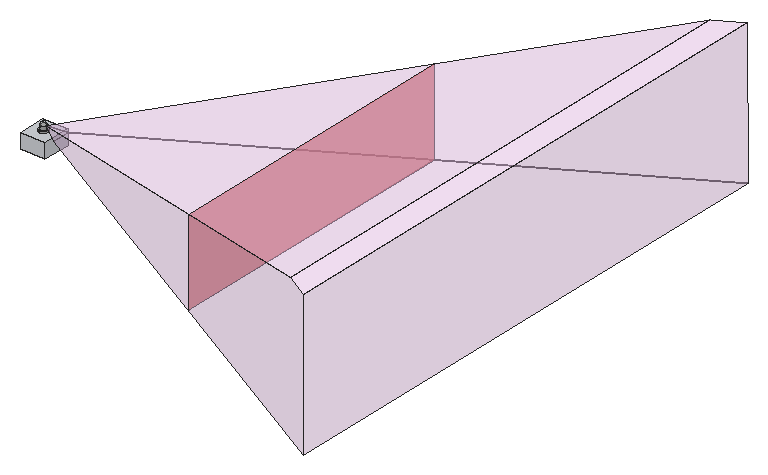
Revit family "Camera-Security-Panasonic-Network-S6130Y", category Security Devices, host Face, Revit 2016
Family settings
  Host = Face
  Maintain Annotation Orientation = No
  Part Type = Normal
  Round Connector Dimension = Use Diameter
  OmniClass Number = 23.85.10.14.11
  OmniClass Title = Cameras
  Cut with Voids When Loaded = No
  Shared = No
  Room Calculation Point = No
Parameters (values of type "Standard, WV-S6130")
  z Yaw Actual [instance] = 180.00°  # constant formula
  z Visible Wall Mount Bracket [instance] = and(Has Wall Mount Bracket, z Accessory Count = 1)  # no
  z Visible No Accessory [instance] = or(z Accessory Count = 0, z Accessory Count > 1)  # no
  z Visible Embedded Ceiling Mount [instance] = and(Has Embedded Ceiling Mount, z Accessory Count = 1)  # no
  z Visible Decoration Cover [instance] = and(Use Decoration Cover, z Accessory Count = 1)  # no
  z Visible Ceiling Mount Bracket [instance] = and(Has Ceiling Mount Bracket, z Accessory Count = 1)  # yes
  z VV Viewpoint Depth Min = 1.68504"
  z VV Viewpoint Depth Max = 1.68504"
  z VV Viewpoint Depth [instance] = (z VV Viewpoint Depth Max - z VV Viewpoint Depth Min) * z HFOV Ratio + z VV Viewpoint Depth Min  # 1.68504"
  z VV Origin Height [instance] = 4.13386"  # constant formula
  z Top of Dome Distance [instance] = 6.1811"  # constant formula
  z Tilt Actual Safe [instance] = if(Tilt Actual = -90.00°, -89.90°, Tilt Actual)  # 90.00°
  z Tilt Actual [instance] = Tilt Actual  # 90.00°
  z Parts_10 [instance] = or(z Visible Ceiling Mount Bracket, z Visible Decoration Cover)  # yes
  z Parts_09 [instance] = z Visible Wall Mount Bracket  # no
  z Parts_08 [instance] = or(z Visible Ceiling Mount Bracket, z Visible Decoration Cover)  # yes
  z Parts_07 [instance] = z Visible Ceiling Mount Bracket  # yes
  z Parts_06 [instance] = or(z Visible No Accessory, z Visible Decoration Cover)  # no
  z Parts_05 [instance] = or(z Visible No Accessory, z Visible Decoration Cover)  # no
  z Parts_04 [instance] = or(z Visible No Accessory, z Visible Decoration Cover)  # no
  z Parts_03 [instance] = or(z Visible Embedded Ceiling Mount, z Visible Ceiling Mount Bracket, z Visible Wall Mount Bracket)  # yes
  z Parts_01 [instance] = or(z Visible Embedded Ceiling Mount)  # no
  z Parts_02 [instance] = or(z Visible Decoration Cover, z Visible Ceiling Mount Bracket)  # yes
  z Pan Actual Safe [instance] = if(Pan Actual = -180.00°, 180.00°, Pan Actual)  # 0.00°
  z Pan Actual [instance] = Pan Actual  # 0.00°
  z Outer Cover Radius [instance] = 2.461"  # constant formula
  z Has Wall Mount [instance] = On Wall  # no
  z Has Indoor Dome Base [instance] = and(not(z Accessory Error), Has Ceiling Mount Bracket)  # yes
  z Has Ceiling Mount [instance] = and(not(z Has Indoor Dome Base), not(z Accessory Error), Has Embedded Ceiling Mount)  # no
  z Has 2or3or4 [instance] = or(Has Wall Mount Bracket, Has Embedded Ceiling Mount, Has Ceiling Mount Bracket)  # yes
  z HFOV Ratio [instance] = (Horizontal FOV Actual - Horizontal FOV Min) / (Horizontal FOV Max - Horizontal FOV Min)  # 0.80142
  z Dome is Clear [instance] = z Parts_03  # yes
  z Dome Vertical Distance [instance] = if(z Has Ceiling Mount, 0.51181", if(z Has Wall Mount, 6.06299", if(Has Ceiling Mount Bracket, 6.41732" - z Outer Cover Radius, 6.08268" - z Dome Diameter / 2)))  # 3.95632"
  z Dome Horizontal Distance [instance] = if(z Has Wall Mount, 1.33299", 0.000")  # 0.000"
  z Dome Distance to Mount [instance] = if(z Has Ceiling Mount, 0.500", 6.08268" - z Dome Diameter / 2)  # 3.8189"
  z Dome Diameter = 4.52756"
  z Distance to Floor [instance] = if(Has Wall Mount Bracket, Distance to Floor + 6.06299", if(Has Ceiling Mount Bracket, Distance to Floor, Distance to Floor))  # 118.11024"
  z Distance to Ceiling [instance] = if(Has Wall Mount Bracket, Distance to Ceiling - 6.06299", if(Has Ceiling Mount Bracket, Distance to Ceiling, Distance to Ceiling))  # 0.000"
  z Const Yaw Handle Length = 9.25197"
  z Const Yaw Base2 Length = 17.32283"
  z Const Yaw Base Length = 10.23622"
  z Const Tilt Handle Length = 14.17323"
  z Const Tilt Base2 Length = 19.68504"
  z Const Tilt Base Length = 9.84252"
  z Const Pan Handle Length = 27.55906"
  z Camera Resolution Type = 0
  z Bottom of Dome Distance = 1.49606"
  z Bottom of Dome Diameter = 4.52756"
  z Base Diameter = 7.28346"
  z Angle of Dome [instance] = if(z Has Wall Mount, -90.00°, 0.00°)  # 0.00°
  z Accessory Error [instance] = z Accessory Count > 1  # no
  z Accessory Count [instance] = if(Has Embedded Ceiling Mount, 1, 0) + if(Has Ceiling Mount Bracket, 1, 0) + if(Has Wall Mount Bracket, 1, 0) + if(Use Decoration Cover, 1, 0)  # 1
  Wide Dynamic Range = yes
  Weight = 2.43 lbf
  Voltage DC = 12.00 V
  Vertical FOV Min [instance] = if(and(Aspect Ratio 4_3, not(Aspect Ratio 16_9)), VFOV Min 43, VFOV Min 169)  # 2.00°
  Vertical FOV Max [instance] = if(and(Aspect Ratio 4_3, not(Aspect Ratio 16_9)), VFOV Max 43, VFOV Max 169)  # 42.00°
  Vertical FOV Actual [instance] = z HFOV Ratio * (Vertical FOV Max - Vertical FOV Min) + Vertical FOV Min  # 34.0567°
  Vandal Resistant = no
  VFOV Min 43 = 2.30°
  VFOV Min 169 = 2.00°
  VFOV Max 43 = 46.00°
  VFOV Max 169 = 42.00°
  Use Decoration Cover [instance] = no
  URL = "http://security.panasonic.com/pss/security/"
  Tilting Range = "-30 to +90"  # constant formula
  Tilt Min = -30.00°  # constant formula
  Tilt Max = 90.00°  # constant formula
  Tilt Desired [instance] = 90.00°
  Tilt Actual [instance] = if(Tilt Desired > Tilt Max, Tilt Max, if(Tilt Desired < Tilt Min, Tilt Min, Tilt Desired))  # 90.00°
  Storage Temperature = "14 °F to 122 °F"  # constant formula
  Show View Volume [instance] = yes
  Resolution_HD [instance] = no
  Resolution_FullHD [instance] = yes
  Regulatory Compliance = "UL60950-1, C-UL CAN/CSA C22.2 No.60950-1, CE, IEC60950-1, FCC Part15 Class A, ICES-003 Class A, EN55022 Class B, EN55024"  # constant formula
  Provide Feedback = "https://www.surveymonkey.com/s/95FL6QY"
  Product Page URL = "https://security.panasonic.com/products/wv-s6130/"
  Product Material = Paint - Panasonic - Silver
  Product Documentation Link = "http://ssbu-t.psn-web.net/Products/IP_camera/WV-S6130/Specsheet/WV-S6130-A4.pdf"
  Power Active = 12.0 W
  Part Number = Model  # "\"WV-S6130\""
  Part Description = Description  # "\"Security Camera, H.264/H.265, Full HD, 21x Optical Zoom, Indoor, PTZ, Network, WV-S6130\""
  Panning Range = "0 to +350"  # constant formula
  Pan Min = 0.00°  # constant formula
  Pan Max = 350.00°  # constant formula
  Pan Desired [instance] = 0.00°
  Pan Actual [instance] = if(Pan Desired > Pan Max, Pan Max, if(Pan Desired < Pan Min, Pan Min, Pan Desired))  # 0.00°
  PPM Desired [instance] = 300
  PPM Actual [instance] = if(PPM Desired > 1, PPM Desired, 1)  # 300
  Original Creation Date = "August, 1, 2017"
  Operational Temperature = "14°F - 122°F"  # constant formula
  Operational Humidity = "10 to 90 % (no condensation)"  # constant formula
  On Wall [instance] = and(Has Wall Mount Bracket, not(Has Embedded Ceiling Mount), not(Has Ceiling Mount Bracket))  # no
  On Ceiling [instance] = or(not(Has Wall Mount Bracket), z Accessory Count > 1)  # yes
  Mounting Positions = "Mount Dependent or Surface Mount"  # constant formula
  Model Disclaimer = "Contact Panasonic for more information"  # constant formula
  Model = "\"WV-S6130\""
  Minimum Illumination = 0.015 lx
  Manufacturer = "Panasonic"  # constant formula
  Indoor Or Outdoor = "Indoor"  # constant formula
  IP Or Analog = "IP"  # constant formula
  Horizontal Resolution Actual [instance] = if(and(Aspect Ratio 4_3, not(Aspect Ratio 16_9)), Horizontal Resolution 43, Horizontal Resolution 169)  # 1920
  Horizontal Resolution 43 [instance] = if(and(Resolution_FullHD, Resolution_HD), 2048, if(Resolution_FullHD, 2048, if(Resolution_HD, 1280, 2048)))  # 2048
  Horizontal Resolution 169 [instance] = if(and(Resolution_FullHD, Resolution_HD), 1920, if(Resolution_FullHD, 1920, if(Resolution_HD, 1280, 1920)))  # 1920
  Horizontal FOV Min [instance] = if(and(Aspect Ratio 4_3, not(Aspect Ratio 16_9)), HFOV Min 43, HFOV Min 169)  # 3.50°
  Horizontal FOV Max [instance] = if(and(Aspect Ratio 4_3, not(Aspect Ratio 16_9)), HFOV Max 43, HFOV Max 169)  # 74.00°
  Horizontal FOV Desired [instance] = 60.00°
  Horizontal FOV Actual [instance] = if(Horizontal FOV Desired > Horizontal FOV Max, Horizontal FOV Max, if(Horizontal FOV Desired < Horizontal FOV Min, Horizontal FOV Min, Horizontal FOV Desired))  # 60.00°
  Height = 6.10236"
  Has Wall Mount Bracket [instance] = no
  Has POE = yes
  Has Decoration Cover [instance] = yes
  Has Ceiling Mount Bracket [instance] = yes
  Has Embedded Ceiling Mount [instance] = no
  HFOV Min 43 = 3.00°
  HFOV Min 169 = 3.50°
  HFOV Max 43 = 61.00°
  HFOV Max 169 = 74.00°
  Family Version = "1.0.0"  # constant formula
  Equipment Number [instance] = ""
  Equipment Abbreviation = "SC"
  Distance to Screen [instance] = 393.70079"
  Distance to PPM Target [instance] = if(PPM Actual = 0, 0.000", 39.37008" * Horizontal Resolution Actual / (PPM Actual * 2 * tan(Horizontal FOV Actual / 2)))  # 218.21113"
  Distance to Floor [instance] = 118.11024"
  Distance to Ceiling [instance] = 0.000"
  Diameter = 4.52756"
  Description = "\"Security Camera, H.264/H.265, Full HD, 21x Optical Zoom, Indoor, PTZ, Network, WV-S6130\""
  Default Elevation = 48.000"
  Day Or Night = "Yes"
  Date Last Modified = "August, 1, 2017"
  Copyright = "Copyright © Panasonic"  # constant formula
  Communication Ports = "10Base-T / 100Base-TX, RJ-45"
  Audio Out = "Yes"
  Audio In = "Yes"
  Aspect Ratio 4_3 [instance] = no
  Aspect Ratio 16_9 [instance] = yes
  Angle Of View = "74"
  Alarm Input Or Output Specification = "ALARM IN 1 (Black & white input, Auto time adjustment input) (x1), ALARM IN 2 (ALARM OUT) (x1), ALARM IN 3 (AUX OUT) (x1)"  # constant formula
  Accessory Part Number [instance] = if(and(not(Use Decoration Cover), not(z Has 2or3or4)), "", if(and(Use Decoration Cover, not(z Has 2or3or4)), "", if(and(not(Use Decoration Cover), Has Wall Mount Bracket, not(Has Embedded Ceiling Mount), not(Has Ceiling Mount Bracket)), "WV-Q154S", if(and(not(Use Decoration Cover), not(Has Wall Mount Bracket), Has Embedded Ceiling Mount, not(Has Ceiling Mount Bracket)), "WV-Q155S", if(and(not(Use Decoration Cover), not(Has Wall Mount Bracket), not(Has Embedded Ceiling Mount), Has Ceiling Mount Bracket), "WV-Q156S", "Select only one Mounting option or Decoration Cover.")))))  # "WV-Q156S"
Reference planes (in)
  plane 1 "Center (Front/Back)": y = 0
  plane 2 "Bottom of Base": z = 0
  plane 3 "Center (Left/Right)": x = 0
  plane 4: x = -3.64173
  plane 5: x = 3.64173
  plane 6: y = 2.26378
  plane 7: y = -2.26378
  plane 8 "Center of Base": z = 0.75
  plane 9 "Top of Base": z = 1.125
  plane 10 "Bottom of Dome": z = 1.49606
  plane 11: z = 0
  plane 12 "Top of Decaration Cover": z = 6.1811
  plane 13 "Dome Left": x = -2.26378
  plane 14 "Dome Right": x = 2.26378
  plane 15 "Center of Dome": z = 3.91732
  plane 16 "Lens Left": x = -0.63408
  plane 17 "Lens Right": x = 0.63408
  plane 18 "Top of Indoor Dome": z = 2.84375
  plane 19 "Move Left/Right": x = 0
  plane 20 "Move Up/Down": z = 3.95632
  plane 21 "Top of NoAcs": z = 6.10236
  plane 22 "Center of Dome NoAcs": z = 3.8189
  plane 23: z = 6.41732
  plane 24 "BP": z = 4.13386
Forms (in)
  Extrusion 1, solid
    sketch origin (0, 0, 0) x (1, 0, 0) y (0, 1, 0)
      loop
        line (-9.63408, 11) -> (-9.63408, -11.80354) -> (10.679, -11.80354) -> (10.679, 11) -> (-9.63408, 11)
    from 0 to -12
  Extrusion 2, solid, material "Paint - Panasonic - Silver" <- "Product Material", visible <- "z Parts_02"
    sketch origin (0, 0, 0) x (1, 0, 0) y (0, 1, 0)
      loop
        circle (0, 0) r 3.64173
    from 0 to 0.75
  Revolve 3, solid, material "Paint - Panasonic - Silver" <- "Product Material", visible <- "z Parts_10"
    sketch origin (0, 0, 0) x (1, 0, 0) y (0, 0, 1)
      loop
        line (0, 1.125) -> (-2.26378, 1.125) -> (-3.64173, 0.75) -> (0, 0.75) -> (0, 1.125)
      axis (0, 1.125) -> (0, 0.75)
    angle from 0 to 360
  Revolve 4, solid, material "Glass - Panasonic - Smoked", visible <- "z Parts_05"
    sketch origin (0, 0, 0) x (0, 1, 0) y (0, 0, 1)
      loop
        arc (0, 6.1811) -> (-0.31921, 6.16344) -> (-0.63408, 6.10803) r 2.69038
        line (-0.63408, 6.10803) -> (-0.63408, 3.91732) -> (0.63408, 3.91732) -> (0.63408, 6.10803)
        arc (0.63408, 6.10803) -> (0.31921, 6.16344) -> (0, 6.1811) r 2.69038
      axis (0.63408, 3.91732) -> (-0.63408, 3.91732)
    angle from 0 to -100
  Extrusion 5, solid, material "Paint - Panasonic - Silver" <- "Product Material", visible <- "z Parts_08"
    sketch origin (0, 0, 1.125) x (-1, 0, 0) y (0, -1, 0)
      loop
        circle (0, 0) r 2.25
    from 0 to 0.37106
  Revolve 6, solid, material "Paint - Panasonic - Silver" <- "Product Material", visible <- "z Parts_04"
    sketch origin (0, 0, 0) x (1, 0, 0) y (0, 0, 1)
      loop
        line (0, 6.1811) -> (0, 0) -> (2.26378, 0) -> (2.26378, 3.91732)
        arc (2.26378, 3.91732) -> (1.60073, 5.51806) -> (0, 6.1811) r 2.26378
      axis (0, 6.1811) -> (0, 0)
    angle from 0 to 360
  Revolve 7, void
    sketch origin (0, 0, 0) x (0, 1, 0) y (0, 0, 1)
      loop
        line (-0.63408, 6.94594) -> (-0.63408, 3.8189) -> (0.63408, 3.8189) -> (0.63408, 6.94594) -> (-0.63408, 6.94594)
      axis (0.63408, 3.8189) -> (-0.63408, 3.8189)
    angle from 0 to -100
  Blend 8, solid, material "Paint - Panasonic - Silver" <- "Product Material", visible <- "z Parts_07"
    base sketch origin (0, 0, 1.49606) x (-1, 0, 0) y (0, -1, 0)
      loop
        circle (0, 0) r 2.25
    top sketch origin (0, 0, 1.49606) x (-1, 0, 0) y (0, -1, 0)
      loop
        circle (0, 0) r 2.5
    from 0 to 2.46026
  Revolve 9, solid, material "Glass - Panasonic - Smoked", visible <- "z Parts_03"
    sketch origin (0, 0, 3.95632) x (-1, 0, 0) y (0, 0, -1)
      loop
        line (0, 0) -> (0, -2.46063)
        arc (0, -2.46063) -> (1.73993, -1.73993) -> (2.46063, 0) r 2.46063
        line (2.46063, 0) -> (0, 0)
      axis (0, 0) -> (0, -2.46063)
    angle from 0 to 360
  Revolve 10, solid, material "Glass - Panasonic - Clear", visible <- "z Parts_03"
    sketch origin (0, 0, 3.95632) x (-1, 0, 0) y (0, 0, -1)
      loop
        line (2.46063, 0) -> (0, 0) -> (0, -2.46063)
        arc (0, -2.46063) -> (1.73993, -1.73993) -> (2.46063, 0) r 2.46063
      axis (0, -2.46063) -> (0, 0)
    angle from 0 to 360
  Revolve 11, solid, material "Glass - Panasonic - Smoked", visible <- "z Parts_06"
    sketch origin (0, 0, -0.09843) x (0, 1, 0) y (0, 0, 1)
      loop
        arc (0, 6.20079) -> (-0.32054, 6.17831) -> (-0.63408, 6.10803) r 2.13702
        line (-0.63408, 6.10803) -> (-0.63408, 4.01575) -> (0.63408, 4.01575) -> (0.63408, 6.10803)
        arc (0.63408, 6.10803) -> (0.32054, 6.17831) -> (0, 6.20079) r 2.13702
      axis (0.63408, 4.01575) -> (-0.63408, 4.01575)
    angle from 0 to -100
Cuts and joins
  Revolve 7 cuts Revolve 6
Lines and regions (in)
  reference lines
    curve 1: line (-2.35728, 0, 3.95632) -> (0, 0, 3.95632)
    curve 2: line (0, 0, 3.95632) -> (-2.8615, 0, 3.95632)
Dimensions and locks (in)
  equal spacing: plane 4, plane 3 "Center (Left/Right)", plane 5
  equal spacing: plane 6, plane 1 "Center (Front/Back)", plane 7
  "z Base Diameter": plane 4 to plane 5
  "z Bottom of Dome Diameter": plane 6 to plane 7
  equal spacing: plane 13 "Dome Left", plane 3 "Center (Left/Right)", plane 14 "Dome Right"
  "z Dome Diameter": plane 13 "Dome Left" to plane 14 "Dome Right"
  equal spacing: plane 16 "Lens Left", plane 3 "Center (Left/Right)", plane 17 "Lens Right"
  plane 16 "Lens Left" to plane 17 "Lens Right" = 1.26816"
  "z Dome Horizontal Distance": plane 3 "Center (Left/Right)" to plane 19 "Move Left/Right"
  "z Dome Vertical Distance": plane 20 "Move Up/Down" to plane 2 "Bottom of Base"
  level to plane 12 "Top of Decaration Cover" = 6.1811"
  "z Bottom of Dome Distance": plane 10 "Bottom of Dome" to level
  plane 12 "Top of Decaration Cover" to level = 6.1811"
  plane 21 "Top of NoAcs" to level = 6.10236"
  plane 22 "Center of Dome NoAcs" to level = 3.8189"
  plane 15 "Center of Dome" to level = 3.91732"
  "z Outer Cover Radius": plane 23 to plane 20 "Move Up/Down"
  "z VV Origin Height": plane 24 "BP" to level
  "z Angle of Dome": angle curve 2 to plane 20 "Move Up/Down"
  aligned and locked: plane 2 "Bottom of Base" to Extrusion 1
  aligned and locked: level to Extrusion 1
  aligned and locked: plane 8 "Center of Base" to Extrusion 2
  aligned and locked: Extrusion 5 to plane 9 "Top of Base"
  aligned and locked: plane 10 "Bottom of Dome" to Extrusion 5
  aligned and locked: plane 19 "Move Left/Right" to curve 2
  aligned and locked: plane 20 "Move Up/Down" to Blend 8
  aligned and locked: plane 15 "Center of Dome" to Revolve 11 sketch curve
  aligned and locked: Revolve 11 sketch curve to Revolve 11 sketch curve
  aligned and locked: plane 22 "Center of Dome NoAcs" to Revolve 7 sketch curve
  aligned and locked: Revolve 7 sketch curve to Revolve 7 sketch curve
  aligned and locked: plane 21 "Top of NoAcs" to Revolve 11 sketch curve
Automatic sketch dimensions
  Extrusion 1 sketch curve to Extrusion 1 sketch curve = 20.31308"
  Extrusion 1 sketch curve to Extrusion 1 sketch curve = 22.80354"
  plane 1 "Center (Front/Back)" to Extrusion 2 sketch curve = 0.000"
  Extrusion 2 sketch curve to plane 3 "Center (Left/Right)" = 0.000"
  plane 4 to Revolve 3 sketch curve = 0.000"
  Revolve 3 sketch curve to plane 9 "Top of Base" = 0.000"
  plane 13 "Dome Left" to Revolve 3 sketch curve = 0.000"
  Revolve 3 sketch curve to plane 3 "Center (Left/Right)" = 0.000"  (x2)
  Revolve 3 sketch curve to plane 8 "Center of Base" = 0.000"
  Revolve 3 sketch curve to level = 24.000"
  plane 12 "Top of Decaration Cover" to Revolve 3 sketch curve = 96.53132"
  plane 1 "Center (Front/Back)" to Extrusion 5 sketch curve = 0.000"
  Extrusion 5 sketch curve to plane 3 "Center (Left/Right)" = 0.000"
  Revolve 6 sketch curve to level = 0.000"
  Revolve 6 sketch curve to plane 3 "Center (Left/Right)" = 0.000"  (x2)
  plane 14 "Dome Right" to Revolve 6 sketch curve = 0.000"
  Revolve 6 sketch curve to plane 15 "Center of Dome" = 0.000"
  Revolve 6 sketch curve to plane 12 "Top of Decaration Cover" = 0.000"
  Revolve 6 sketch curve to Revolve 6 sketch curve = 24.000"
  Revolve 6 sketch curve to Revolve 6 sketch curve = 96.53772"
  plane 1 "Center (Front/Back)" to Blend 8 sketch curve = 0.000"  (x2)
  Blend 8 sketch curve to plane 3 "Center (Left/Right)" = 0.000"  (x2)
  Revolve 9 sketch curve to curve 2 = 0.000"  (x2)
  curve 2 to Revolve 9 sketch curve = 0.000"
  Revolve 9 sketch curve to curve 2 = 2.66566"
  Revolve 9 sketch curve to curve 2 = 2.46063"
  curve 2 to Revolve 9 sketch curve = 0.7874"
  Revolve 10 sketch curve to curve 2 = 0.000"  (x2)
  curve 2 to Revolve 10 sketch curve = 0.000"
  Revolve 10 sketch curve to curve 2 = 2.71654"
  Revolve 10 sketch curve to curve 2 = 2.46063"
  curve 2 to Revolve 10 sketch curve = 0.78335"
  plane 15 "Center of Dome" to Revolve 4 sketch curve = 0.000"  (x2)
  Revolve 4 sketch curve to plane 1 "Center (Front/Back)" = 0.000"
  Revolve 4 sketch curve to plane 12 "Top of Decaration Cover" = 0.000"
  plane 1 "Center (Front/Back)" to Revolve 4 sketch curve = 0.01122"
  plane 21 "Top of NoAcs" to Revolve 4 sketch curve = 0.00567"  (x2)
  plane 1 "Center (Front/Back)" to Revolve 4 sketch curve = 0.63408"
  Revolve 4 sketch curve to plane 1 "Center (Front/Back)" = 0.01122"
  Revolve 4 sketch curve to plane 1 "Center (Front/Back)" = 0.63408"
  Revolve 4 sketch curve to plane 7 = 58.14014"
  plane 6 to Revolve 4 sketch curve = 63.06686"
  plane 15 "Center of Dome" to Revolve 11 sketch curve = 0.000"
  Revolve 11 sketch curve to plane 1 "Center (Front/Back)" = 0.000"
  plane 1 "Center (Front/Back)" to Revolve 11 sketch curve = 0.01122"
  Revolve 11 sketch curve to plane 21 "Top of NoAcs" = 0.09276"  (x2)
  plane 1 "Center (Front/Back)" to Revolve 11 sketch curve = 0.63408"
  Revolve 11 sketch curve to plane 1 "Center (Front/Back)" = 0.01122"
  Revolve 11 sketch curve to plane 1 "Center (Front/Back)" = 0.63408"
  Revolve 11 sketch curve to plane 7 = 58.14014"
  plane 6 to Revolve 11 sketch curve = 63.06686"
  plane 1 "Center (Front/Back)" to Revolve 7 sketch curve = 0.63408"
  Revolve 7 sketch curve to plane 1 "Center (Front/Back)" = 0.63408"
  plane 23 to Revolve 7 sketch curve = 0.52862"
  Revolve 7 sketch curve to plane 7 = 58.1549"
  plane 6 to Revolve 7 sketch curve = 63.08163"
  curve 1 to plane 20 "Move Up/Down" = 0.000"
  plane 13 "Dome Left" to curve 1 = 0.0935"
  radius of Extrusion 2 sketch curve = 3.64173"
  radius of Extrusion 5 sketch curve = 2.250"
  radius of Blend 8 sketch curve = 2.250"
  radius of Blend 8 sketch curve = 2.500"
Nested families (in)
  nested 1: "41-45,47 - Mount-Panasonic" at (0, 0, 0) x (0, 1, 0) z (0, 0, 1), Has Ceiling Mount <- "z Visible Embedded Ceiling Mount", Has Wall Mount <- "z Parts_09", type "WV-Q106"
    with z Bracket Radius 3.82227", Product Material Paint - Panasonic - Silver, Has Wall Mount no, Has Ceiling Mount no, Equipment Number "", Dome Radius 2.25227"
  nested 2: "Camera-Security-Panasonic-ViewVolumePTYZ" at (0, 0, 3.95632) x (0, 1, 0) z (0, 0, 1), Base Height Offset <- "z Dome Vertical Distance", VFOV <- "Vertical FOV Actual", Target Depth <- "Distance to PPM Target", Screen Depth <- "Distance to Screen", Viewpoint Depth <- "z VV Viewpoint Depth", On Wall <- "On Wall", On Ceiling <- "On Ceiling", HFOV <- "Horizontal FOV Actual", Tilt <- "Tilt Actual", Pan <- "Pan Actual", Floor Distance <- "z Distance to Floor", Ceiling Distance <- "z Distance to Ceiling", visible <- "Show View Volume", Base Angle Offset <- "z Angle of Dome", Yaw <- "z Yaw Actual", type "Camera-Security-Panasonic-ViewVolumePTYZ"
    with z Yaw Actual 180.00°, z Void Width 2044.06246", z Void Thickness 794.72798", z Void Height Start -1022.03123", z Void Height End 1022.03123", z Void Direction 0, z Void Angle 0.00°, z Viewpoint Depth 1.68504", z Tilt Actual 90.00°, z Target Width 251.9685", z Target Visible yes, z Target Height 133.66399", z Target Depth 219.89616", z Screen Width 454.60651", z Screen Height 241.15919", z Screen Depth 395.38583", z Pan Actual 0.00°, z Floor Distance 118.11024", z Ceiling Distance 0.000", Yaw 180.00°, Viewpoint Origin Horizontal Offset 0.000", Viewpoint Depth 1.68504", VFOV 34.0567°, Tilt 90.00°, Target Depth 218.21113", Screen Depth 393.70079", Pan 0.00°, On Wall no, On Floor no, On Default Mount Type 0, On Ceiling yes, HFOV 60.00°, Floor Distance 118.11024", Ceiling Distance 0.000", Base Height Offset 3.95632", Base Angle Offset 0.00°
Connectors (in)
  electrical at (0, 0, 0), driven by "Power Active", driven by "Voltage DC"
    settings: on Extrusion 2, index 1, voltage 12.00 V, apparent load 12.0 W, apparent load phase1 0.0 W, apparent load phase2 0.0 W, apparent load phase3 0.0 W, power factor 1, load classification "Other", number of poles 1, system type 30, power factor state 1, is connector primary yes, connector utility no, sub classification motor no, connector description "Electrical Connection"
  electrical at (0, 0, 0)
    settings: index 2, voltage 0.00 V, apparent load 0.0 W, apparent load phase1 0.0 W, apparent load phase2 0.0 W, apparent load phase3 0.0 W, power factor 1, load classification "Other", number of poles 1, system type 5, power factor state 1, is connector primary no, connector utility no, sub classification motor no, connector description "Data Connection"
Definition of nested family "Camera-Security-Panasonic-ViewVolumePTYZ"
  Parameters (values of type "Camera-Security-Panasonic-ViewVolumePTYZ")
    z Yaw Actual [instance] = if(Yaw < 0.00°, 360.00° - (abs(Yaw) - rounddown(abs(Yaw) / 360.00°) * 360.00°), Yaw - rounddown(Yaw / 360.00°) * 360.00°)  # 0.00°
    z Void Width [instance] = if(z Screen Width > z Screen Height, z Screen Width, z Screen Height) + abs(Viewpoint Origin Horizontal Offset) + z Void Thickness * 2  # 2064.84273"
    z Void Thickness [instance] = z Screen Depth * 2 + abs(Base Height Offset)  # 805.11811"
    z Void Height Start [instance] = -z Void Width / 2  # -1032.42137"
    z Void Height End [instance] = z Void Width / 2  # 1032.42137"
    z Void Direction [instance] = if((if(On Wall, 1, 0) + if(On Floor, 1, 0) + if(On Ceiling, 1, 0)) = 1, if(On Ceiling, 0, if(On Wall, 1, 2)), On Default Mount Type)  # 0
    z Viewpoint Depth [instance] = if(Viewpoint Depth < 0.03937", 0.03937", Viewpoint Depth)  # 5.90551"
    z Tilt Actual [instance] = if(Tilt < 0.00°, 360.00° - (abs(Tilt) - rounddown(abs(Tilt) / 360.00°) * 360.00°), Tilt - rounddown(Tilt / 360.00°) * 360.00°)  # 45.00°
    z Target Visible [instance] = not(Screen Depth < Target Depth)  # yes
    z Target Thickness Start = -z Target Thickness / 2  # -0.03937"
    z Target Thickness End = z Target Thickness / 2  # 0.03937"
    z Target Depth [instance] = Target Depth + Viewpoint Depth  # 84.64567"
    z Pan Actual [instance] = if(Pan < 0.00°, 360.00° - (abs(Pan) - rounddown(abs(Pan) / 360.00°) * 360.00°), Pan - rounddown(Pan / 360.00°) * 360.00°)  # 0.00°
    z Floor Distance [instance] = if(z Void Direction = 2, if(Floor Distance < 0.000", 0.000", Floor Distance), if(Floor Distance < 0.3937", 0.3937", Floor Distance))  # 118.11024"
    z Const Yaw Base2 Length = 17.32283"  # constant formula
    z Const Tilt Base2 Length = 19.68504"  # constant formula
    z Ceiling Distance [instance] = if(z Void Direction = 2, if(Ceiling Distance < 0.3937", 0.3937", Ceiling Distance), if(Ceiling Distance < 0.000", 0.000", Ceiling Distance))  # 0.000"
    z Const Void Handle Length = 23.62205"  # constant formula
    z Void Angle [instance] = if(z Void Direction = 0, 0.00° + Base Angle Offset, if(z Void Direction = 1, 90.00° + Base Angle Offset, 180.00° + Base Angle Offset))  # 0.00°
    z Screen Depth [instance] = if(Screen Depth < 3.93701", 3.93701" + Viewpoint Depth, Screen Depth + Viewpoint Depth)  # 399.6063"
    Original Creation Date = "September, 15, 2016"  # constant formula
    On Default Mount Type [instance] = 0
    Manufacturer = "Panasonic"  # constant formula
    Family Version = "1.0.1"  # constant formula
    Default Elevation = 48.000"
    Date Last Modified = "February, 15, 2017"  # constant formula
    Copyright = "Copyright © Panasonic"  # constant formula
    Base Height Offset [instance] = 5.90551"
    Base Angle Offset [instance] = 0.00°
    z Viewpoint Width = 0.03937"  # constant formula
    z Viewpoint Height = 0.03937"  # constant formula
    VFOV [instance] = 33.75°
    z Target Width [instance] = Target Depth * tan(HFOV / 2) * 2  # 90.9213"
    z Target Thickness = 0.07874"  # constant formula
    z Target Height [instance] = Target Depth * tan(VFOV / 2) * 2  # 47.77113"
    Target Depth [instance] = 78.74016"
    z Screen Width [instance] = (z Screen Depth - Viewpoint Depth) * tan(HFOV / 2) * 2  # 454.60651"
    z Screen Height [instance] = (z Screen Depth - Viewpoint Depth) * tan(VFOV / 2) * 2  # 238.85566"
    Screen Depth [instance] = 393.70079"
    z Const Yaw Handle Length = 9.25197"  # constant formula
    z Const Yaw Base Length = 10.23622"  # constant formula
    Viewpoint Depth [instance] = 5.90551"
    Viewpoint Origin Horizontal Offset [instance] = 0.000"
    z Const Tilt Handle Length = 14.17323"  # constant formula
    z Const Tilt Base Length = 9.84252"  # constant formula
    z Const Pan Handle Length = 19.68504"  # constant formula
    z Const Pan Axis Length = 15.74803"  # constant formula
    On Wall [instance] = no
    On Floor [instance] = no
    On Ceiling [instance] = yes
    HFOV [instance] = 60.00°
    Yaw [instance] = 0.00°
    Tilt [instance] = 45.00°
    Pan [instance] = 0.00°
    Floor Distance [instance] = 118.11024"
    Ceiling Distance [instance] = 0.000"
  Reference planes (in)
    plane 1 "Center (Front/Back)": y = 0
    plane 2: z = 0
    plane 3 "Center (Left/Right)": x = 0
    plane 4 "VoidOffsetBase": z = -5.90551
  Forms (in)
    Extrusion 1, void
      sketch origin (0, 0, -5.90551) x (0, 0, 1) y (0, -1, 0)
        loop
          line (923.22835, 1032.42137) -> (118.11024, 1032.42137) -> (118.11024, -1032.42137) -> (923.22835, -1032.42137) -> (923.22835, 1032.42137)
        loop
          line (0, 1032.42137) -> (-805.11811, 1032.42137) -> (-805.11811, -1032.42137) -> (0, -1032.42137) -> (0, 1032.42137)
      from -1032.42137 <- "z Void Height Start" to 1032.42137 <- "z Void Height End"
    Blend 2, solid
      base sketch origin (0, -4.17583, 4.17583) x (0, 0.707107, 0.707107) y (-1, 0, 0)
        loop
          line (-0.01969, -0.01969) -> (0.01969, -0.01969) -> (0.01969, 0.01969) -> (-0.01969, 0.01969) -> (-0.01969, -0.01969)
      top sketch origin (0, -282.56432, 282.56432) x (0, 0.707107, 0.707107) y (-1, 0, 0)
        loop
          line (-119.42783, -227.30326) -> (119.42783, -227.30326) -> (119.42783, 227.30326) -> (-119.42783, 227.30326) -> (-119.42783, -227.30326)
      from 0 to 0
    Extrusion 3, solid, visible <- "z Target Visible"
      sketch origin (0, -59.85353, 59.85353) x (0, 0.707107, 0.707107) y (-1, 0, 0)
        loop
          line (-23.88557, -45.46065) -> (23.88557, -45.46065) -> (23.88557, 45.46065) -> (-23.88557, 45.46065) -> (-23.88557, -45.46065)
      from -0.03937 <- "z Target Thickness Start" to 0.03937 <- "z Target Thickness End"
  Cuts and joins
    Extrusion 1 cuts Blend 2
    Extrusion 1 cuts Extrusion 3
  Lines and regions (in)
    reference lines
      curve 1: line (0, 0, 0) -> (19.68504, 0, 0)
      curve 2: line (0, 0, -15.74803) -> (0, 0, 0)
      curve 3: line (0, 0, 0) -> (0, -9.84252, 0)
      curve 4: line (0, 0, 0) -> (0, 0, 19.68504)
      curve 5: line (0, -10.02199, 10.02199) -> (0, 0, 0)
      curve 6: line (0, 0, 0) -> (0, 7.2381, 7.2381)
      curve 7: line (0, 0, 0) -> (-17.32283, 0, 0)
      curve 8: line (0, 0, 0) -> (-9.25197, 0, 0)
      curve 9: line (0, -4.17583, 4.17583) -> (0, 0, 0)
      curve 10: line (0, 0, 0) -> (0, -59.85353, 59.85353)
      curve 11: line (0, 0, 0) -> (0, -282.56432, 282.56432)
      curve 12: line (-0.01969, -4.16191, 4.18975) -> (0.01969, -4.16191, 4.18975)
      curve 13: line (-0.01969, -4.18975, 4.16191) -> (0.01969, -4.18975, 4.16191)
      curve 14: line (-0.01969, -4.16191, 4.18975) -> (-0.01969, -4.18975, 4.16191)
      curve 15: line (0.01969, -4.16191, 4.18975) -> (0.01969, -4.18975, 4.16191)
      curve 16: line (-45.46065, -42.96388, 76.74317) -> (45.46065, -42.96388, 76.74317)
      curve 17: line (-45.46065, -76.74317, 42.96388) -> (45.46065, -76.74317, 42.96388)
      curve 18: line (-45.46065, -42.96388, 76.74317) -> (-45.46065, -76.74317, 42.96388)
      curve 19: line (45.46065, -42.96388, 76.74317) -> (45.46065, -76.74317, 42.96388)
      curve 20: line (-227.30326, -198.1161, 367.01255) -> (-227.30326, -367.01255, 198.1161)
      curve 21: line (227.30326, -198.1161, 367.01255) -> (227.30326, -367.01255, 198.1161)
      curve 22: line (-227.30326, -198.1161, 367.01255) -> (227.30326, -198.1161, 367.01255)
      curve 23: line (-227.30326, -367.01255, 198.1161) -> (227.30326, -367.01255, 198.1161)
      curve 24: line (0, 0, -5.90551) -> (0, 0, 17.71654)
      curve 25: line (0, -1032.42137, 917.32283) -> (0, 1032.42137, 917.32283)
      curve 26: line (0, -1032.42137, 112.20472) -> (0, -1032.42137, 917.32283)
      curve 27: line (0, 1032.42137, 112.20472) -> (0, -1032.42137, 112.20472)
      curve 28: line (0, 1032.42137, 917.32283) -> (0, 1032.42137, 112.20472)
      curve 29: line (0, -1032.42137, -5.90551) -> (0, 1032.42137, -5.90551)
      curve 30: line (0, -1032.42137, -811.02362) -> (0, -1032.42137, -5.90551)
      curve 31: line (0, 1032.42137, -811.02362) -> (0, -1032.42137, -811.02362)
      curve 32: line (0, 1032.42137, -5.90551) -> (0, 1032.42137, -811.02362)
  Dimensions and locks (in)
    "z Const Pan Handle Length": curve 1 to curve 1
    "z Const Pan Axis Length": curve 2 to curve 2
    "z Const Tilt Base Length": curve 3 to curve 3
    "z Const Pan Axis Length": curve 1 to curve 2
    "Viewpoint Origin Horizontal Offset": curve 4 to curve 2
    "z Const Tilt Base2 Length": curve 4 to curve 4
    "z Const Tilt Handle Length": curve 5 to curve 5
    "z Const Yaw Base Length": curve 6 to curve 6
    "z Const Yaw Base2 Length": curve 7 to curve 7
    "z Const Yaw Handle Length": curve 8 to curve 8
    "z Viewpoint Depth": curve 9 to curve 9
    "z Target Depth": curve 10 to curve 10
    "z Screen Depth": curve 11 to curve 11
    equal spacing: curve 13, curve 9, curve 12
    "z Viewpoint Height": curve 13 to curve 12
    equal spacing: curve 14, curve 9, curve 15
    "z Viewpoint Width": curve 14 to curve 15
    equal spacing: curve 17, curve 10, curve 16
    "z Target Height": curve 17 to curve 16
    equal spacing: curve 18, curve 10, curve 19
    "z Target Width": curve 18 to curve 19
    equal spacing: curve 20, curve 11, curve 21
    "z Screen Width": curve 20 to curve 21
    equal spacing: curve 23, curve 11, curve 22
    "z Screen Height": curve 23 to curve 22
    "z Const Void Handle Length": curve 24 to curve 24
    equal spacing: curve 26, curve 24, curve 28
    "z Void Width": curve 26 to curve 28
    "z Floor Distance": curve 27 to curve 24
    "z Ceiling Distance": curve 29 to curve 24
    "z Void Thickness": curve 31 to curve 29
    "z Void Thickness": curve 25 to curve 27
    "Base Height Offset": level to plane 4 "VoidOffsetBase"
    locked: curve 3 to curve 2 (angle 90.00°)
    locked: curve 3 to curve 4 (angle 90.00°)
    "z Tilt Actual": angle curve 4 to curve 5
    locked: curve 6 to curve 7 (angle 90.00°)
    locked: curve 6 to curve 5 (angle 90.00°)
    locked: curve 9 to curve 5 (angle 0.00°)
    locked: curve 10 to curve 5 (angle 0.00°)
    locked: curve 11 to curve 5 (angle 0.00°)
    "z Void Angle": angle plane 1 "Center (Front/Back)" to curve 24
    "z Yaw Actual": angle curve 7 to curve 8
    "z Pan Actual": angle plane 1 "Center (Front/Back)" to curve 1
    aligned and locked: level to plane 2
    aligned and locked: curve 2 to curve 1
    aligned and locked: curve 2 to curve 3
    aligned and locked: curve 3 to curve 2
    aligned and locked: curve 3 to curve 5
    aligned and locked: curve 6 to curve 7
    aligned and locked: curve 6 to curve 8
    aligned and locked: curve 8 to curve 7
    aligned and locked: curve 7 to curve 6
    aligned and locked: curve 5 to curve 11
    aligned and locked: curve 11 to curve 8
    aligned and locked: curve 12 to curve 15
    aligned and locked: curve 15 to curve 15
    aligned and locked: curve 14 to curve 14
    aligned and locked: curve 13 to curve 15
    aligned and locked: curve 16 to curve 19
    aligned and locked: curve 18 to curve 18
    aligned and locked: curve 17 to curve 19
    aligned and locked: curve 22 to curve 22
    aligned and locked: curve 21 to curve 23
    aligned and locked: curve 20 to curve 23
    aligned and locked: curve 23 to curve 23
    aligned and locked: plane 1 "Center (Front/Back)" to curve 24
    aligned and locked: curve 30 to curve 26
    aligned and locked: curve 28 to curve 32
    aligned and locked: Extrusion 1 sketch curve to curve 25
    aligned and locked: Extrusion 1 sketch curve to curve 26
    aligned and locked: Extrusion 1 sketch curve to curve 27
    aligned and locked: Extrusion 1 sketch curve to curve 28
    aligned and locked: Extrusion 1 sketch curve to curve 29
    aligned and locked: Extrusion 1 sketch curve to curve 30
    aligned and locked: Extrusion 1 sketch curve to curve 31
    aligned and locked: Extrusion 1 sketch curve to curve 32
    aligned and locked: Extrusion 1 sketch curve to Extrusion 1 sketch curve  (x8)
    aligned and locked: Blend 2 sketch curve to curve 15
    aligned and locked: Blend 2 sketch curve to curve 13
    aligned and locked: Blend 2 sketch curve to curve 14
    aligned and locked: Blend 2 sketch curve to curve 12
    aligned and locked: Blend 2 sketch curve to Blend 2 sketch curve  (x8)
    aligned and locked: Blend 2 sketch curve to curve 21
    aligned and locked: Blend 2 sketch curve to curve 23
    aligned and locked: Blend 2 sketch curve to curve 20
    aligned and locked: Blend 2 sketch curve to curve 22
    aligned and locked: Extrusion 3 sketch curve to curve 19
    aligned and locked: Extrusion 3 sketch curve to curve 17
    aligned and locked: Extrusion 3 sketch curve to curve 18
    aligned and locked: Extrusion 3 sketch curve to curve 16
    aligned and locked: Extrusion 3 sketch curve to Extrusion 3 sketch curve  (x4)
    aligned and locked: plane 3 "Center (Left/Right)" to curve 1
    aligned and locked: plane 1 "Center (Front/Back)" to curve 1
    aligned and locked: level to curve 2
    aligned and locked: plane 4 "VoidOffsetBase" to curve 24
  Automatic sketch dimensions
    curve 6 to curve 5 = 0.000"
    curve 6 to curve 5 = 10.23622"
Definition of nested family "41-45,47 - Mount-Panasonic"
  Parameters (values of type "WV-Q106")
    z Bracket Radius [instance] = Dome Radius + 1.570"  # 4.03063"
    URL = "http://panasonic.net"
    Provide Feedback = "https://www.surveymonkey.com/s/95FL6QY"
    Product Material [instance] = none
    Product Documentation Link = ""
    Part Number = Model  # "WV-Q106"
    Part Description = ""
    Original Creation Date = "*8/13/2012"
    Model Disclaimer = "*Contact Panasonic for more information"
    Model = "WV-Q106"
    Manufacturer = "*Panasonic"
    Keynote = ""
    Has Wall Mount [instance] = no
    Has Ceiling Mount [instance] = yes
    Family Version = "*1.0.0"
    Equipment Number [instance] = ""
    Equipment Abbreviation = ""
    Dome Radius [instance] = 2.46063"
    Default Elevation = 0.000"
    Date Last Modified = "*8/13/2012"
    Copyright = "*Copyright © Panasonic"
  Reference planes (in)
    plane 1 "Center (Front/Back)": y = 0
    plane 2: z = 0
    plane 3 "Center (Left/Right)": x = 0
    plane 4: z = 0.51181
    plane 5: z = 0.125
    plane 6: x = -3.74016
    plane 7: z = 0
    plane 8: x = -2.46063
    plane 9: x = -0.75
    plane 10: x = -1.58
    plane 11: z = 0.32
    plane 12: z = 4.32
    plane 13: z = 3.146
    plane 14: x = -2.08661
    plane 15: z = 3.814
    plane 16: z = -3.63
    plane 17: z = -3.24904
    plane 18: z = -3.12404
    plane 19: z = 5.51181
    plane 20: z = 7.75
    plane 21: y = -2.75591
    plane 22: y = 2.75591
    plane 23: z = 0.5
    plane 24: y = -1.56732
    plane 25: y = 1.33268
    plane 26: x = -3.05118
    plane 27: x = 3.05118
    plane 28: x = -3.25
    plane 29: x = 3.25
    plane 30: x = -3.1565
    plane 31: x = 3.1565
    plane 32: z = 1.625
    plane 33: y = -3.25
    plane 34: y = -3
    plane 35: x = 2.9065
    plane 36: x = -2.9065
    plane 37: z = 1.13711
    plane 38: x = 3.7815
    plane 39: x = -3.7815
    plane 40: y = 0.375
    plane 41: y = -0.375
    plane 42: z = 8.56299
  Forms (in)
    Extrusion 1, solid
      sketch origin (0, 0, 0) x (1, 0, 0) y (0, 1, 0)
        loop
          line (-48, 48) -> (-48, -48) -> (48, -48) -> (48, 48) -> (-48, 48)
      from 0 to -12
    Revolve 2, solid, visible <- "Has Ceiling Mount"
      sketch origin (0, 0, 0) x (1, 0, 0) y (0, 0, 1)
        loop
          line (-3.74016, 0.125) -> (-3.74016, 0) -> (-2.46063, 0) -> (-2.46063, 0.51181) -> (-3.74016, 0.125)
        axis (0, 0) -> (0, 0.51181)
      angle from 0 to 360
    Revolve 3, solid, not visible
      sketch origin (0, 0, 0) x (1, 0, 0) y (0, 0, 1)
        loop
          line (-1.58, 0) -> (0, 0) -> (0, 0.32) -> (-1.58, 0.32) -> (-1.58, 0)
        axis (0, 0) -> (0, 0.32)
      angle from 0 to 360
    Extrusion 4, solid, visible <- "Has Wall Mount"
      sketch origin (0, 0, 0) x (1, 0, 0) y (0, 0, 1)
        loop
          line (-3.05118, 5.51181) -> (-3.05118, 0.5) -> (3.05118, 0.5) -> (3.05118, 5.51181)
          arc (3.05118, 5.51181) -> (0, 8.56299) -> (-3.05118, 5.51181) r 3.05118
      from -1.33268 to 1.56732
    Extrusion 5, solid, visible <- "Has Wall Mount"
      sketch origin (0, 0, 0) x (1, 0, 0) y (0, 0, 1)
        loop
          line (-3.25, 0.5) -> (-3.25, 0) -> (3.25, 0) -> (3.25, 0.5) -> (-3.25, 0.5)
      from -2.75591 to 2.75591
  Lines and regions (in)
    Masking region 1, visible <- "Has Ceiling Mount"
      outline origin (0, 0, 0) x (1, 0, 0) y (0, 1, 0)
        loop
          circle (0, 0) r 4.03063
    Masking region 2, not visible
      outline origin (0, 0, 0) x (1, 0, 0) y (0, 1, 0)
        loop
          circle (0, 0) r 3.1565
    Masking region 3, not visible
      outline origin (0, 0, 0) x (1, 0, 0) y (0, 1, 0)
        loop
          circle (0, 0) r 2.08661
    Masking region 4, visible <- "Has Wall Mount"
      outline origin (0, 0, 0) x (1, 0, 0) y (0, 0, 1)
        loop
          line (-3.05153, 0) -> (3.05083, 0) -> (3.05083, 5.51181)
          arc (3.05083, 5.51181) -> (-0.00035, 8.56299) -> (-3.05153, 5.51181) r 3.05118
          line (-3.05153, 5.51181) -> (-3.05153, 0)
  Dimensions and locks (in)
    locked: plane 5 to plane 7 at 0.125
    plane 4 to plane 7 = 0.51181"
    locked: plane 3 "Center (Left/Right)" to plane 8 at 2.46063
    locked: plane 12 to plane 16 at 7.95
    plane 19 to Extrusion 1 = 5.51181"  (x2)
    locked: plane 24 to plane 25 at 2.9
    locked: plane 6 to plane 3 "Center (Left/Right)" at 3.74016
    plane 42 to level = 8.56299"
    plane 42 to plane 19 = 3.05118"
    plane 26 to plane 3 "Center (Left/Right)" to plane 27 = 3.05118" locked, 3.05118" locked
    plane 21 to plane 1 "Center (Front/Back)" to plane 22 = 2.75591" locked, 2.75591" locked
    "z Bracket Radius": radius of Masking region 1 sketch curve
    aligned and locked: plane 2 to Extrusion 1
    aligned and locked: level to Extrusion 1
    aligned and locked: plane 10 to Revolve 3 sketch curve
    aligned and locked: plane 11 to Revolve 3 sketch curve
    aligned and locked: Revolve 3 sketch curve to plane 3 "Center (Left/Right)"
    aligned and locked: plane 7 to Revolve 3 sketch curve
    aligned and locked: Extrusion 4 sketch curve to plane 23
    aligned and locked: plane 27 to Extrusion 4 sketch curve
    aligned and locked: plane 26 to Extrusion 4 sketch curve
    aligned and locked: Extrusion 4 to plane 25
    aligned and locked: Extrusion 4 to plane 24
    aligned and locked: Extrusion 5 sketch curve to plane 23
    aligned and locked: plane 28 to Extrusion 5 sketch curve
    aligned and locked: level to Extrusion 5 sketch curve
    aligned and locked: plane 29 to Extrusion 5 sketch curve
    aligned and locked: plane 22 to Extrusion 5
    aligned and locked: plane 21 to Extrusion 5
    aligned and locked: plane 6 to Revolve 2 sketch curve
    aligned and locked: plane 8 to Revolve 2 sketch curve
    aligned and locked: Extrusion 5 to plane 22
    aligned and locked: Extrusion 5 to plane 21
  Automatic sketch dimensions
    Extrusion 1 sketch curve to Extrusion 1 sketch curve = 96.000"  (x2)
    Revolve 2 sketch curve to plane 5 = 0.000"
    Revolve 2 sketch curve to level = 0.000"
    Revolve 2 sketch curve to plane 3 "Center (Left/Right)" = 0.000"
    Revolve 2 sketch curve to plane 4 = 0.000"
    plane 4 to Revolve 2 sketch curve = 0.13987"
    Revolve 2 sketch curve to Revolve 2 sketch curve = 0.17601"
    Revolve 3 sketch curve to plane 3 "Center (Left/Right)" = 0.000"
    plane 4 to Revolve 3 sketch curve = 0.18453"
    Revolve 3 sketch curve to Revolve 3 sketch curve = 0.29859"
    plane 1 "Center (Front/Back)" to Masking region 2 sketch curve = 0.000"
    Masking region 2 sketch curve to plane 3 "Center (Left/Right)" = 0.000"
    plane 1 "Center (Front/Back)" to Masking region 3 sketch curve = 0.000"
    Masking region 3 sketch curve to plane 3 "Center (Left/Right)" = 0.000"
    plane 1 "Center (Front/Back)" to Masking region 1 sketch curve = 0.000"
    Masking region 1 sketch curve to plane 3 "Center (Left/Right)" = 0.000"
    Extrusion 4 sketch curve to plane 19 = 0.000"
    Masking region 4 sketch curve to level = 0.000"
    Masking region 4 sketch curve to plane 19 = 0.000"
    Masking region 4 sketch curve to plane 27 = 0.00035"
    Masking region 4 sketch curve to plane 3 "Center (Left/Right)" = 0.00035"
    radius of Masking region 2 sketch curve = 3.1565"
    radius of Masking region 3 sketch curve = 2.08661"
